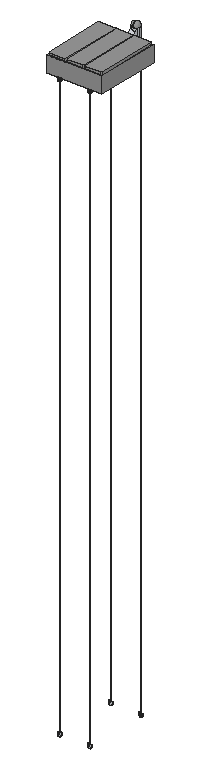
Revit family "62147", category Lighting Fixtures, host Face, Revit 2018
Family settings
  Host = Face
  Round Connector Dimension = Use Diameter
  Part Type = Normal
  OmniClass Number = 23.80.70.00
  OmniClass Title = Lighting
  Cut with Voids When Loaded = No
  Light Source = Yes
  Shared = No
  Room Calculation Point = No
Parameters (values of type "0062147 KUBIXX 4000K 14KLM WIDE SSA")
  Weight = "n/a"
  Wattage Comments = ""
  Wattage = 9.2903 W
  WarrantyStartDate [instance] = "n/a"
  WarrantyGuarantorParts = "n/a"
  WarrantyDurationUnit = "n/a"
  WarrantyDurationParts = ""
  WarrantyDescription = "http://www.sylvania-lighting.com"
  built-in parameter 1150110 = 1 (stored number, unit not read)
  Voltage = 0 V
  URL = "0"
  TypeName = "KubiXx 4000K 14KLM WIDE SSA"
  Type Image = <None>
  Type Comments = "n/a"
  Total length = 411.998 mm
  built-in parameter 1114217 = 1 (stored number, unit not read)
  Tilt Angle = -90.00°
  built-in parameter 1150109 = 1 (stored number, unit not read)
  built-in parameter 1150134 = 3
  Suspension height = 3000 mm
  built-in parameter 1150113 = 1 (stored number, unit not read)
  SerialNumber [instance] = "n/a"
  Photometric Web File = "0062147.IES"
  Material_3_SYL = none
  PowerFactor = 0
  PowerConsumption = "Lighting"
  NominalLength = 280 mm
  NominalHeight = 94 mm
  NominalDepth = 330 mm
  Name = "KubiXx 4000K 14KLM WIDE SSA"
  ModelReference = Name  # "KubiXx 4000K 14KLM WIDE SSA"
  ModelNumber = "0062147"
  Model = Name  # "KubiXx 4000K 14KLM WIDE SSA"
  Material = "Feilo Sylvania"
  ManufacturerName = "172 lm/W"
  Manufacturer = ""
  LuminousEfficacy = ""
  built-in parameter 1150105 = 109.82 (stored number, unit not read)
  Lumens = 1380 lm
  LuminaireType = "0"
  built-in parameter 1150115 = 1 (stored number, unit not read)
  LightOutputRatio = "LED"
  built-in parameter 1150137 = (empty or 0)
  built-in parameter 1150139 = (empty or 0)
  LampsType = Lamp  # "n/a"
  LampNominalLuminous = "4000 K"
  LampMacAdamStep = "80"
  LampColourTemperature = "LED"
  LampColourRenderingIndex = "16500"
  built-in parameter 1150112 = 1 (stored number, unit not read)
  built-in parameter 1150114 = 1 (stored number, unit not read)
  Lamp = "n/a"
  Keynote = "n/a"
  InstallationDate [instance] = "n/a"
  InputVoltage = "0"
  InputNominalFrequency = "4000"
  built-in parameter 1150132 = (empty or 0)
  built-in parameter 1150102 = (empty or 0)
  built-in parameter 1150107 = 3200 (stored number, unit not read)
  built-in parameter 1150138 = (empty or 0)
  IngressProtection = "IfcLightFixtureType"
  ImpactProtectionIndex = "IfcLightFixtureType"
  built-in parameter 1150106 = 1.0982 (stored number, unit not read)
  IfcExportType = "IfcLightFixtureType"
  IfcExportAs = "Class I"
  Emit from Circle Diameter = 609.6 mm
  Emit Shape Visible in Rendering = no
  ElectricShockClassification = "172"
  built-in parameter 1150104 = 13.8 (stored number, unit not read)
  DocumentationLiterature = "http://www.sylvania-lighting.com/product/en-int/products/0062147"
  DimmingControlOptions = "n/a"
  Material_2_SYL = none
  Dimming Lamp Color Temperature Shift = <None>
  Description = "Logistics and Industry high bay luminaire with wide optics to provide homogenous light distribution for open space areas. 14300lumens, 83W, 172lm/W, 4000K, CRI80, wide beam optic, SylSmart SSA dimmable, 3 step MacAdam ellipse, grey finish (RAL7012), Class 1, 220-240V, IP65, IK06."
  Default Elevation = 1219.2 mm
  CreatedOn = "08/11/2023"
  CreatedBy = "@sylvania-lighting.com"
  Cost = 0
  Color Filter = 16777215
  built-in parameter 1114216 [instance] = (empty or 0)
  ClassificationValue = "EF_70_80"
  ClassificationName = "Uniclass2015"
  Material_1_SYL = none
  BarCode [instance] = "n/a"
  built-in parameter 1114218 = 1 (stored number, unit not read)
  built-in parameter 1150133 = 10 (stored number, unit not read)
  AssetType = "Fixed"
  AssetIdentifier [instance] = "n/a"
  Assembly Code = "D5020200"
  Apparent Load = 83 VA
  Material_4_SYL = none
Reference planes
  plane 1 "Center (Front/Back)": y = 0
  plane 2: z = 0
  plane 3 "Center (Left/Right)": x = 0
  plane 4: x = -140
  plane 5: x = 140
  plane 6: y = 165
  plane 7: y = -165
  plane 8: z = 94
  plane 9: x = -180.6
  plane 10: y = 160
  plane 11: y = -160
  plane 12: x = -93.6
  plane 13: x = -89.2
  plane 14: x = -2.2
  plane 15: x = 2.2
  plane 16: x = 89.2
  plane 17: x = 93.6
  plane 18: x = 180.6
  plane 19: x = 77.2
  plane 20: x = -77.2
  plane 21: x = -87.2
  plane 22: x = -67.2
  plane 23: z = -18
  plane 24: y = 162
  plane 25: z = -8
  plane 26: y = -162
  plane 27: z = 3083
  plane 28: z = 3094
  plane 29: y = 163.5
  plane 30: z = 3000
  plane 31: z = 2982
  plane 32: x = -225.6
  plane 33: x = 225.6
  plane 34: x = 138.6
  plane 35: x = -138.6
  plane 36: x = 134.2
  plane 37: x = -134.2
  plane 38: x = 47.2
  plane 39: x = -47.2
  plane 40: x = 42.795
  plane 41: x = -42.778
  plane 42: y = -258.869
  plane 43: y = 246.998
Forms (mm)
  Extrusion 1, solid, material "Aluminum", detail levels medium+fine
    sketch origin (0, 0, 0) x (1, 0, 0) y (0, 1, 0)
      loop
        line (-140, 165) -> (-140, -165) -> (140, -165) -> (140, 165) -> (-140, 165)
    from 3000 to 3083
  Extrusion 2, solid, material "Acetal Resin, White", detail levels medium+fine
    sketch origin (91.4, 0, 0) x (1, 0, 0) y (0, 1, 0)
      loop
        arc (-220.89, 160) -> (-224.425, 158.536) -> (-225.89, 155) r 5
        line (-225.89, 155) -> (-225.89, -155)
        arc (-225.89, -155) -> (-224.425, -158.536) -> (-220.89, -160) r 5
        line (-220.89, -160) -> (-143.578, -160)
        arc (-143.578, -160) -> (-140.042, -158.536) -> (-138.578, -155) r 5
        line (-138.578, -155) -> (-138.578, 155)
        arc (-138.578, 155) -> (-140.042, 158.536) -> (-143.578, 160) r 5
        line (-143.578, 160) -> (-220.89, 160)
    from 3083 to 3094
  Extrusion 3, solid, material "Acetal Resin, White", detail levels medium+fine
    sketch origin (182.8, 0, 0) x (1, 0, 0) y (0, 1, 0)
      loop
        arc (-130.605, 160) -> (-134.141, 158.536) -> (-135.605, 155) r 5
        line (-135.605, 155) -> (-135.605, -155)
        arc (-135.605, -155) -> (-134.141, -158.536) -> (-130.605, -160) r 5
        line (-130.605, -160) -> (-53.412, -160)
        arc (-53.412, -160) -> (-49.876, -158.536) -> (-48.412, -155) r 5
        line (-48.412, -155) -> (-48.412, 155)
        arc (-48.412, 155) -> (-49.876, 158.536) -> (-53.412, 160) r 5
        line (-53.412, 160) -> (-130.605, 160)
    from 3083 to 3094
  Extrusion 4, solid
    sketch origin (0, 0, 0) x (1, 0, 0) y (0, 0, 1)
      loop
        line (-87.2, 0) -> (-87.2, -8)
        arc (-87.2, -8) -> (-84.271, -15.071) -> (-77.2, -18) r 10
        arc (-77.2, -18) -> (-70.129, -15.071) -> (-67.2, -8) r 10
        line (-67.2, -8) -> (-67.2, 0) -> (-87.2, 0)
    from -165 to -162
  Extrusion 5, void
    sketch origin (0, 0, 0) x (1, 0, 0) y (0, 0, 1)
      loop
        circle (-77.2, -8) r 3
    from -169.572 to 175.485
  Extrusion 6, solid
    sketch origin (154.4, 0, 0) x (1, 0, 0) y (0, 0, 1)
      loop
        line (-87.2, 0) -> (-87.2, -8)
        arc (-87.2, -8) -> (-84.271, -15.071) -> (-77.2, -18) r 10
        arc (-77.2, -18) -> (-70.129, -15.071) -> (-67.2, -8) r 10
        line (-67.2, -8) -> (-67.2, 0) -> (-87.2, 0)
    from -165 to -162
  Extrusion 7, void
    sketch origin (154.4, 0, 0) x (1, 0, 0) y (0, 0, 1)
      loop
        circle (-77.2, -8) r 3
    from -169.572 to 188.62
  Extrusion 8, solid
    sketch origin (0, 0, 0) x (1, 0, 0) y (0, 0, 1)
      loop
        line (-87.2, 0) -> (-87.2, -8)
        arc (-87.2, -8) -> (-84.271, -15.071) -> (-77.2, -18) r 10
        arc (-77.2, -18) -> (-70.129, -15.071) -> (-67.2, -8) r 10
        line (-67.2, -8) -> (-67.2, 0) -> (-87.2, 0)
    from 162 to 165
  Extrusion 9, solid
    sketch origin (153.445, 0, 0) x (1, 0, 0) y (0, 0, 1)
      loop
        line (-86.235, 0) -> (-86.235, -7.889)
        arc (-86.235, -7.889) -> (-83.306, -14.96) -> (-76.235, -17.889) r 10
        arc (-76.235, -17.889) -> (-69.163, -14.96) -> (-66.235, -7.889) r 10
        line (-66.235, -7.889) -> (-66.235, 0) -> (-86.235, 0)
    from 162 to 165
  Extrusion 10, solid, material "Aluminum", detail levels fine
    sketch origin (0, 0, 2992) x (1, 0, 0) y (0, 0, 1)
      loop
        line (-87.2, 8) -> (-87.2, 0)
        arc (-87.2, 0) -> (-84.271, -7.071) -> (-77.2, -10) r 10
        arc (-77.2, -10) -> (-70.129, -7.071) -> (-67.2, 0) r 10
        line (-67.2, 0) -> (-67.2, 8) -> (-87.2, 8)
    from -165 to -162
  Extrusion 11, void
    sketch origin (0.086, 0, 2990.692) x (1, 0, 0) y (0, 0, 1)
      loop
        circle (-77.2, 0) r 3
    from -169.572 to 175.485
  Extrusion 12, solid, material "Aluminum", detail levels fine
    sketch origin (154.4, 0, 2992) x (1, 0, 0) y (0, 0, 1)
      loop
        line (-87.2, 8) -> (-87.2, 0)
        arc (-87.2, 0) -> (-84.271, -7.071) -> (-77.2, -10) r 10
        arc (-77.2, -10) -> (-70.129, -7.071) -> (-67.2, 0) r 10
        line (-67.2, 0) -> (-67.2, 8) -> (-87.2, 8)
    from -165 to -162
  Extrusion 13, void
    sketch origin (154.475, 0, 2991.254) x (1, 0, 0) y (0, 0, 1)
      loop
        circle (-77.2, 0) r 3
    from -169.572 to 188.62
  Extrusion 14, solid, material "Aluminum", detail levels fine
    sketch origin (0, 0, 2992) x (1, 0, 0) y (0, 0, 1)
      loop
        line (-87.2, 8) -> (-87.2, 0)
        arc (-87.2, 0) -> (-84.271, -7.071) -> (-77.2, -10) r 10
        arc (-77.2, -10) -> (-70.129, -7.071) -> (-67.2, 0) r 10
        line (-67.2, 0) -> (-67.2, 8) -> (-87.2, 8)
    from 162 to 165
  Extrusion 15, solid, material "Aluminum", detail levels fine
    sketch origin (153.445, 0, 2992) x (1, 0, 0) y (0, 0, 1)
      loop
        line (-86.235, 8) -> (-86.235, 0.111)
        arc (-86.235, 0.111) -> (-83.306, -6.96) -> (-76.235, -9.889) r 10
        arc (-76.235, -9.889) -> (-69.163, -6.96) -> (-66.235, 0.111) r 10
        line (-66.235, 0.111) -> (-66.235, 8) -> (-86.235, 8)
    from 162 to 165
  Extrusion 16, solid, material "Stainless Steel"
    sketch origin (0, 0, 0) x (1, 0, 0) y (0, 1, 0)
      loop
        circle (-77.2, 163.5) r 1
    from 0 to 3000
  Extrusion 17, solid, material "Stainless Steel"
    sketch origin (154.4, 0, 0) x (1, 0, 0) y (0, 1, 0)
      loop
        circle (-77.2, 163.5) r 1
    from 0 to 3000
  Extrusion 18, solid, material "Stainless Steel"
    sketch origin (0, -327, 0) x (1, 0, 0) y (0, 1, 0)
      loop
        circle (-77.2, 163.5) r 1
    from 0 to 3000
  Extrusion 19, solid, material "Stainless Steel"
    sketch origin (154.386, -327.05, 0) x (1, 0, 0) y (0, 1, 0)
      loop
        circle (-77.2, 163.5) r 1
    from 0 to 3000
  Extrusion 20, solid, detail levels coarse
    sketch origin (0, 0, 0) x (1, 0, 0) y (0, 0, 1)
      loop
        line (-140, 3094) -> (-140, 0) -> (140, 0) -> (140, 3094) -> (-140, 3094)
    from -246.772 to 165
  Extrusion 21, solid, material "Acetal Resin, White", detail levels medium+fine
    sketch origin (181.395, 0, 0) x (1, 0, 0) y (0, 1, 0)
      loop
        arc (-219.21, 160) -> (-222.746, 158.536) -> (-224.21, 155) r 5
        line (-224.21, 155) -> (-224.21, -155)
        arc (-224.21, -155) -> (-222.746, -158.536) -> (-219.21, -160) r 5
        line (-219.21, -160) -> (-143.578, -160)
        arc (-143.578, -160) -> (-140.042, -158.536) -> (-138.578, -155) r 5
        line (-138.578, -155) -> (-138.578, 155)
        arc (-138.578, 155) -> (-140.042, 158.536) -> (-143.578, 160) r 5
        line (-143.578, 160) -> (-219.21, 160)
    from 3083 to 3094
  Extrusion 22, solid, material "Acetal Resin, White", not visible
    sketch origin (319, 1524, 1219.2) x (0, 1, 0) y (0, 0, 1)
      loop
        line (-1689, 1833.8) -> (-1689, 1863.8) -> (-1799, 1863.8) -> (-1799, 1833.8) -> (-1689, 1833.8)
    from -339.5 to -298.5
  Extrusion 23, void, not visible
    sketch origin (0, 0, 0) x (1, 0, 0) y (0, 1, 0)
      loop
        line (-20.5, -254.5) -> (-20.5, -275) -> (0, -275)
        arc (0, -275) -> (-14.496, -268.996) -> (-20.5, -254.5) r 20.5
    from 3000 to 3132.374
  Extrusion 24, void, not visible
    sketch origin (0, 0, 0) x (1, 0, 0) y (0, 1, 0)
      loop
        arc (20.5, -254.5) -> (14.496, -268.996) -> (0, -275) r 20.5
        line (0, -275) -> (20.5, -275) -> (20.5, -254.5)
    from 3030.992 to 3095.862
  Extrusion 25, void, not visible
    sketch origin (319, 1524, 1219.2) x (0, 1, 0) y (0, 0, 1)
      loop
        line (-1724, 1863.8) -> (-1799, 1863.8) -> (-1799, 1851.8) -> (-1767, 1851.8) -> (-1724, 1863.8)
    from -390.202 to -258.5
  Revolve 26, solid, material "Acetal Resin, White", not visible
    sketch origin (-0.37, 1524, 1219.2) x (0, 1, 0) y (0, 0, 1)
      loop
        line (-1783, 1851.8) -> (-1767, 1851.8)
        arc (-1767, 1851.8) -> (-1773.505, 1859.304) -> (-1783, 1862.216) r 18.002
        line (-1783, 1862.216) -> (-1783, 1851.8)
      axis (-1783, 1862.216) -> (-1783, 1851.8)
    angle from -180 to 179.537
  Extrusion 27, solid, material "Acetal Resin, White", not visible
    sketch origin (319, 1524, 1219.2) x (0, 1, 0) y (0, 0, 1)
      loop
        line (-1689, 1833.8) -> (-1689, 1863.8) -> (-1799, 1863.8) -> (-1799, 1833.8) -> (-1689, 1833.8)
    from -339.5 to -298.5
  Extrusion 28, void, not visible
    sketch origin (0, 0, 0) x (1, 0, 0) y (0, 1, 0)
      loop
        line (-20.5, -254.5) -> (-20.5, -275) -> (0, -275)
        arc (0, -275) -> (-14.496, -268.996) -> (-20.5, -254.5) r 20.5
    from 3000 to 3132.374
  Extrusion 29, void, not visible
    sketch origin (0, 0, 0) x (1, 0, 0) y (0, 1, 0)
      loop
        arc (20.5, -254.5) -> (14.496, -268.996) -> (0, -275) r 20.5
        line (0, -275) -> (20.5, -275) -> (20.5, -254.5)
    from 3030.992 to 3095.862
  Extrusion 30, void, not visible
    sketch origin (319, 1524, 1219.2) x (0, 1, 0) y (0, 0, 1)
      loop
        line (-1724, 1863.8) -> (-1799, 1863.8) -> (-1799, 1851.8) -> (-1767, 1851.8) -> (-1724, 1863.8)
    from -390.202 to -258.5
  Revolve 31, solid, material "Acetal Resin, White", not visible
    sketch origin (-0.37, 1524, 1219.2) x (0, 1, 0) y (0, 0, 1)
      loop
        line (-1783, 1851.8) -> (-1767, 1851.8)
        arc (-1767, 1851.8) -> (-1773.505, 1859.304) -> (-1783, 1862.216) r 18.002
        line (-1783, 1862.216) -> (-1783, 1851.8)
      axis (-1783, 1862.216) -> (-1783, 1851.8)
    angle from -180 to 179.537
  Blend 32, solid
    base sketch origin (0, -0.051, 0) x (1, 0, 0) y (0, 1, 0)
      loop
        circle (0, 228) r 19
    top sketch origin (0, -0.051, 0) x (1, 0, 0) y (0, 1, 0)
      loop
        circle (0, 228) r 19
    from 3039 to 3094
  Revolve 33, solid, material "Acetal Resin, White"
    sketch origin (-0.021, 1523.949, 1219.237) x (0, 1, 0) y (0, 0, 1)
      loop
        line (-1296, 1874.8) -> (-1277, 1874.8)
        arc (-1277, 1874.8) -> (-1282.5, 1888.6) -> (-1296, 1894.8) r 20
        line (-1296, 1894.8) -> (-1296, 1874.8)
      axis (-1296, 1894.8) -> (-1296, 1874.8)
    angle from 179.389 to 539.028
  Extrusion 34, solid
    sketch origin (0, -0.051, 0) x (1, 0, 0) y (0, 1, 0)
      loop
        line (-13.5, 214.609) -> (-13.5, 165) -> (13.5, 165) -> (13.5, 214.609) -> (-13.5, 214.609)
    from 3039 to 3083
  Extrusion 35, void
    sketch origin (319, 1523.949, 1219.2) x (0, 1, 0) y (0, 0, 1)
      loop
        line (-1309.391, 1863.8) -> (-1359, 1863.8) -> (-1359, 1843.8) -> (-1333.226, 1843.8) -> (-1309.391, 1863.8)
    from -343.775 to -294
  Blend 36, solid, not visible
    base sketch origin (0, 0, 0) x (1, 0, 0) y (0, 1, 0)
      loop
        circle (0, 228) r 19
    top sketch origin (0, 0, 0) x (1, 0, 0) y (0, 1, 0)
      loop
        circle (0, 228) r 19
    from 3039 to 3094
  Revolve 37, solid, material "Acetal Resin, White", not visible
    sketch origin (-0.021, 1524, 1219.237) x (0, 1, 0) y (0, 0, 1)
      loop
        line (-1296, 1874.8) -> (-1277, 1874.8)
        arc (-1277, 1874.8) -> (-1282.5, 1888.6) -> (-1296, 1894.8) r 20
        line (-1296, 1894.8) -> (-1296, 1874.8)
      axis (-1296, 1894.8) -> (-1296, 1874.8)
    angle from 179.389 to 539.028
  Extrusion 38, solid, not visible
    sketch origin (0, 0, 0) x (1, 0, 0) y (0, 1, 0)
      loop
        line (-13.5, 214.609) -> (-13.5, 165) -> (13.5, 165) -> (13.5, 214.609) -> (-13.5, 214.609)
    from 3039 to 3083
  Extrusion 39, void, not visible
    sketch origin (319, 1524, 1219.2) x (0, 1, 0) y (0, 0, 1)
      loop
        line (-1309.391, 1863.8) -> (-1359, 1863.8) -> (-1359, 1843.8) -> (-1333.226, 1843.8) -> (-1309.391, 1863.8)
    from -343.775 to -294
Cuts and joins
  Extrusion 5, Extrusion 7, Extrusion 11 cuts Extrusion 4
  Extrusion 7, Extrusion 13 cuts Extrusion 6
  Extrusion 5, Extrusion 11 cuts Extrusion 8
  Extrusion 7, Extrusion 13 cuts Extrusion 9
  Extrusion 11 cuts Extrusion 10
  Extrusion 11 cuts Extrusion 14
  Extrusion 13 cuts Extrusion 12
  Extrusion 13 cuts Extrusion 15
  Extrusion 35 cuts Extrusion 34
Dimensions and locks
  "NominalLength": plane 4 to plane 5
  equal spacing: plane 4, plane 3 "Center (Left/Right)", plane 5
  "NominalDepth": plane 6 to plane 7
  equal spacing: plane 6, plane 1 "Center (Front/Back)", plane 7
  "NominalHeight": plane 8 to level
  Extrusion 3 to plane 3 "Center (Left/Right)" = 47.195 mm
  plane 3 "Center (Left/Right)" to Extrusion 2 = 134.49 mm
  "Suspension height": level to plane 30
  plane 28 to plane 27 = 11 mm
  "NominalHeight": plane 30 to plane 28
  "Total length": plane 43 to plane 7
  aligned and locked: plane 2 to host face
  aligned and locked: level to host face
Automatic sketch dimensions
  host sketch curve to host sketch curve = 2438.4 mm  (x2)
  Extrusion 1 sketch curve to plane 4 = 0 mm
  Extrusion 1 sketch curve to plane 5 = 0 mm
  Extrusion 1 sketch curve to plane 7 = 0 mm
  Extrusion 1 sketch curve to plane 6 = 0 mm
  Extrusion 2 sketch curve to plane 11 = 0 mm
  Extrusion 2 sketch curve to plane 10 = 0 mm
  plane 37 to Extrusion 2 sketch curve = 0.29 mm
  Extrusion 2 sketch curve to plane 37 = 4.71 mm  (x2)
  plane 39 to Extrusion 2 sketch curve = 4.978 mm  (x2)
  Extrusion 2 sketch curve to plane 39 = 0.022 mm
  Extrusion 3 sketch curve to plane 11 = 0 mm
  Extrusion 3 sketch curve to plane 10 = 0 mm
  plane 38 to Extrusion 3 sketch curve = 0.005 mm
  Extrusion 3 sketch curve to plane 38 = 4.995 mm  (x2)
  plane 36 to Extrusion 3 sketch curve = 4.812 mm  (x2)
  Extrusion 3 sketch curve to plane 36 = 0.188 mm
  Extrusion 4 sketch curve to Extrusion 4 sketch curve = 0 mm  (x2)
  Extrusion 4 sketch curve to plane 21 = 0 mm
  Extrusion 4 sketch curve to plane 20 = 0 mm
  Extrusion 4 sketch curve to plane 23 = 0 mm
  Extrusion 4 sketch curve to level = 0 mm
  Extrusion 5 sketch curve to plane 20 = 0 mm
  Extrusion 5 sketch curve to plane 25 = 0 mm
  Extrusion 6 sketch curve to Extrusion 6 sketch curve = 0 mm  (x2)
  Extrusion 6 sketch curve to plane 25 = 0 mm
  Extrusion 6 sketch curve to level = 0 mm
  Extrusion 6 sketch curve to plane 19 = 0 mm
  Extrusion 6 sketch curve to plane 23 = 0 mm
  Extrusion 7 sketch curve to plane 19 = 0 mm
  Extrusion 7 sketch curve to plane 25 = 0 mm
  Extrusion 8 sketch curve to Extrusion 8 sketch curve = 0 mm  (x2)
  Extrusion 8 sketch curve to plane 21 = 0 mm
  Extrusion 8 sketch curve to plane 20 = 0 mm
  Extrusion 8 sketch curve to plane 23 = 0 mm
  Extrusion 8 sketch curve to level = 0 mm
  Extrusion 9 sketch curve to Extrusion 9 sketch curve = 0 mm  (x2)
  Extrusion 9 sketch curve to level = 0 mm
  plane 25 to Extrusion 9 sketch curve = 0.111 mm
  Extrusion 9 sketch curve to plane 19 = 9.989 mm
  plane 19 to Extrusion 9 sketch curve = 0.011 mm
  Extrusion 10 sketch curve to Extrusion 10 sketch curve = 0 mm  (x2)
  Extrusion 10 sketch curve to plane 21 = 0 mm
  Extrusion 10 sketch curve to plane 20 = 0 mm
  Extrusion 10 sketch curve to plane 31 = 0 mm
  Extrusion 10 sketch curve to plane 30 = 0 mm
  plane 20 to Extrusion 11 sketch curve = 0.086 mm
  plane 31 to Extrusion 11 sketch curve = 8.692 mm
  Extrusion 12 sketch curve to Extrusion 12 sketch curve = 0 mm  (x2)
  Extrusion 12 sketch curve to plane 30 = 0 mm
  Extrusion 12 sketch curve to plane 19 = 0 mm
  Extrusion 12 sketch curve to plane 31 = 0 mm
  Extrusion 12 sketch curve to plane 19 = 10 mm
  plane 19 to Extrusion 13 sketch curve = 0.075 mm
  Extrusion 13 sketch curve to plane 30 = 8.746 mm
  Extrusion 14 sketch curve to Extrusion 14 sketch curve = 0 mm  (x2)
  Extrusion 14 sketch curve to plane 21 = 0 mm
  Extrusion 14 sketch curve to plane 20 = 0 mm
  Extrusion 14 sketch curve to plane 31 = 0 mm
  Extrusion 14 sketch curve to plane 30 = 0 mm
  Extrusion 15 sketch curve to Extrusion 15 sketch curve = 0 mm  (x2)
  Extrusion 15 sketch curve to plane 30 = 0 mm
  Extrusion 15 sketch curve to plane 19 = 9.989 mm
  plane 19 to Extrusion 15 sketch curve = 0.011 mm
  Extrusion 15 sketch curve to Extrusion 15 sketch curve = 7.889 mm
  Extrusion 16 sketch curve to plane 20 = 0 mm
  Extrusion 16 sketch curve to plane 29 = 0 mm
  Extrusion 17 sketch curve to plane 19 = 0 mm
  plane 29 to Extrusion 17 sketch curve = 0 mm
  Extrusion 18 sketch curve to plane 20 = 0 mm
  plane 7 to Extrusion 18 sketch curve = 1.5 mm
  Extrusion 19 sketch curve to plane 19 = 0.014 mm
  plane 7 to Extrusion 19 sketch curve = 1.45 mm
  Extrusion 20 sketch curve to level = 0 mm
  Extrusion 20 sketch curve to plane 4 = 0 mm
  Extrusion 20 sketch curve to plane 5 = 0 mm
  Extrusion 20 sketch curve to plane 28 = 0 mm
  Extrusion 21 sketch curve to plane 11 = 0 mm
  Extrusion 21 sketch curve to plane 10 = 0 mm
  plane 41 to Extrusion 21 sketch curve = 0.038 mm
  Extrusion 21 sketch curve to plane 41 = 4.962 mm  (x2)
  plane 40 to Extrusion 21 sketch curve = 4.978 mm  (x2)
  Extrusion 21 sketch curve to plane 40 = 0.022 mm
  Revolve 26 sketch curve to Revolve 26 sketch curve = 2.581 mm
  Extrusion 22 sketch curve to Extrusion 22 sketch curve = 110 mm
  Extrusion 22 sketch curve to Extrusion 22 sketch curve = 30 mm
  Revolve 26 sketch curve to Revolve 26 sketch curve = 0.327 mm
  Revolve 26 sketch curve to Revolve 26 sketch curve = 16 mm
  Revolve 26 sketch curve to Revolve 26 sketch curve = 7.582 mm
  Revolve 26 sketch curve to Revolve 26 sketch curve = 0 mm
  Revolve 26 sketch curve to Revolve 26 sketch curve = 3.524 mm
  Extrusion 23 sketch curve to Extrusion 23 sketch curve = 20.5 mm
  Extrusion 24 sketch curve to Extrusion 24 sketch curve = 20.5 mm
  Extrusion 25 sketch curve to Extrusion 25 sketch curve = 32 mm
  Extrusion 25 sketch curve to Extrusion 25 sketch curve = 43 mm
  Extrusion 25 sketch curve to Extrusion 25 sketch curve = 12 mm
  Revolve 31 sketch curve to Revolve 31 sketch curve = 2.581 mm
  Extrusion 27 sketch curve to Extrusion 27 sketch curve = 110 mm
  Extrusion 27 sketch curve to Extrusion 27 sketch curve = 30 mm
  Revolve 31 sketch curve to Revolve 31 sketch curve = 0.327 mm
  Revolve 31 sketch curve to Revolve 31 sketch curve = 16 mm
  Revolve 31 sketch curve to Revolve 31 sketch curve = 7.582 mm
  Revolve 31 sketch curve to Revolve 31 sketch curve = 0 mm
  Revolve 31 sketch curve to Revolve 31 sketch curve = 3.524 mm
  Extrusion 28 sketch curve to Extrusion 28 sketch curve = 20.5 mm
  Extrusion 29 sketch curve to Extrusion 29 sketch curve = 20.5 mm
  Extrusion 30 sketch curve to Extrusion 30 sketch curve = 32 mm
  Extrusion 30 sketch curve to Extrusion 30 sketch curve = 43 mm
  Extrusion 30 sketch curve to Extrusion 30 sketch curve = 12 mm
  Revolve 33 sketch curve to Revolve 33 sketch curve = 1 mm
  Revolve 33 sketch curve to Revolve 33 sketch curve = 19 mm
  Revolve 33 sketch curve to Revolve 33 sketch curve = 0.025 mm
  Revolve 33 sketch curve to Revolve 33 sketch curve = 0 mm
  Revolve 33 sketch curve to Revolve 33 sketch curve = 8.022 mm
  Revolve 33 sketch curve to Revolve 33 sketch curve = 11.978 mm
  Extrusion 34 sketch curve to Extrusion 34 sketch curve = 27 mm
  Extrusion 34 sketch curve to Extrusion 34 sketch curve = 49.609 mm
  Extrusion 35 sketch curve to Extrusion 35 sketch curve = 25.774 mm
  Extrusion 35 sketch curve to Extrusion 35 sketch curve = 23.835 mm
  Extrusion 35 sketch curve to Extrusion 35 sketch curve = 20 mm
  Revolve 37 sketch curve to Revolve 37 sketch curve = 1 mm
  Revolve 37 sketch curve to Revolve 37 sketch curve = 19 mm
  Revolve 37 sketch curve to Revolve 37 sketch curve = 0.025 mm
  Revolve 37 sketch curve to Revolve 37 sketch curve = 0 mm
  Revolve 37 sketch curve to Revolve 37 sketch curve = 8.022 mm
  Revolve 37 sketch curve to Revolve 37 sketch curve = 11.978 mm
  Extrusion 38 sketch curve to Extrusion 38 sketch curve = 27 mm
  Extrusion 38 sketch curve to Extrusion 38 sketch curve = 49.609 mm
  Extrusion 39 sketch curve to Extrusion 39 sketch curve = 25.774 mm
  Extrusion 39 sketch curve to Extrusion 39 sketch curve = 23.835 mm
  Extrusion 39 sketch curve to Extrusion 39 sketch curve = 20 mm
  Blend 32 sketch curve to plane 3 "Center (Left/Right)" = 0 mm  (x2)
  Blend 32 sketch curve to plane 43 = 19.049 mm  (x2)
  plane 28 to Revolve 33 sketch curve = 0.062 mm
  Revolve 33 sketch curve to plane 43 = 20.049 mm
  Extrusion 34 sketch curve to plane 6 = 0.051 mm
  Extrusion 34 sketch curve to plane 14 = 11.3 mm
  Extrusion 35 sketch curve to plane 27 = 0 mm
  Extrusion 35 sketch curve to plane 6 = 0.051 mm
  radius of Extrusion 5 sketch curve = 3 mm
  radius of Extrusion 7 sketch curve = 3 mm
  radius of Extrusion 11 sketch curve = 3 mm
  radius of Extrusion 13 sketch curve = 3 mm
  radius of Extrusion 16 sketch curve = 1 mm
  radius of Extrusion 17 sketch curve = 1 mm
  radius of Extrusion 18 sketch curve = 1 mm
  radius of Extrusion 19 sketch curve = 1 mm
  radius of Blend 32 sketch curve = 19 mm  (x2)
  radius of Blend 36 sketch curve = 19 mm  (x2)
Connectors
  electrical at (0, 0, 3000)
    settings: on Extrusion 1, index 1, voltage 0 V, apparent load 0 VA, apparent load phase1 0 VA, apparent load phase2 0 VA, apparent load phase3 0 VA, power factor 1, load classification "Other", number of poles 1, system type 31, power factor state 1, is connector primary yes, connector utility no, sub classification motor no, connector description ""
